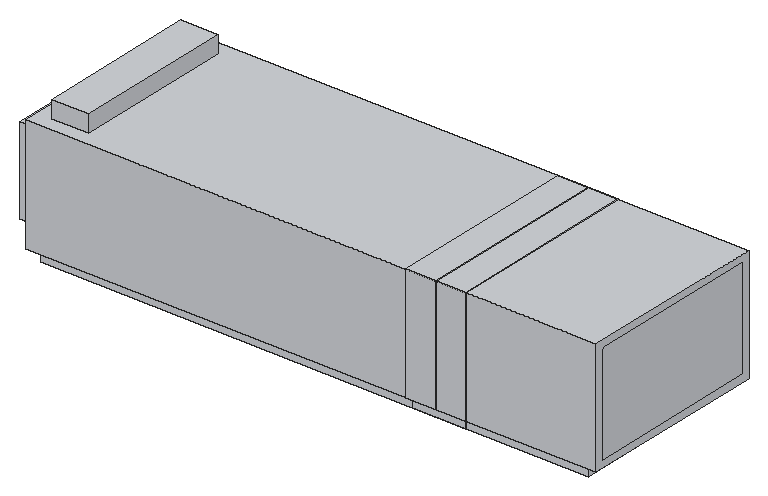
Revit family "Metric WinTADS Template 5", category Mechanical Equipment, Revit 2017
Family settings
  Round Connector Dimension = Use Diameter
  Part Type = Normal
  OmniClass Number = 23.75.00.00
  OmniClass Title = Climate Control (HVAC)
  Work Plane-Based = No
  Always vertical = Yes
  Cut with Voids When Loaded = No
  Shared = No
  Room Calculation Point = No
Parameters
  Mass = 520.448 kg
Reference planes
  plane 1 "Center (Front/Back)": y = 0
  plane 2: z = 0
  plane 3 "Center (Left/Right)": x = 0
Forms (mm)
  Extrusion 1, solid
    sketch origin (0, 0, 0) x (1, 0, 0) y (0, 1, 0)
      loop
        line (-110, 1128) -> (-110, 90) -> (0, 90) -> (0, 1128) -> (-110, 1128)
    from 90 to 648
  Extrusion 2, solid
    sketch origin (0, 0, 0) x (1, 0, 0) y (0, 1, 0)
      loop
        line (90, 1128) -> (90, 90) -> (328, 90) -> (328, 1128) -> (90, 1128)
    from 738 to 848
  Extrusion 3, solid
    sketch origin (0, 0, 0) x (1, 0, 0) y (0, 1, 0)
      loop
        line (3653.543, 1169) -> (3653.543, 49) -> (3654.457, 49) -> (3654.457, 1169) -> (3653.543, 1169)
    from 49 to 689
  Extrusion 4, solid
    sketch origin (0, 0, 0) x (1, 0, 0) y (0, 1, 0)
      loop
        line (0, 1218) -> (0, 0) -> (2818, 0) -> (2818, 1218) -> (0, 1218)
    from 0 to 738
  Extrusion 5, solid
    sketch origin (0, 0, 0) x (1, 0, 0) y (0, 1, 0)
      loop
        line (2626.543, 1218) -> (2626.543, 0) -> (2627.457, 0) -> (2627.457, 1218) -> (2626.543, 1218)
    from 0 to 738
  Extrusion 6, solid
    sketch origin (0, 0, 0) x (1, 0, 0) y (0, 1, 0)
      loop
        line (2436, 1218) -> (2436, 0) -> (3654, 0) -> (3654, 1218) -> (2436, 1218)
    from 0 to 738
  Extrusion 7, solid
    sketch origin (0, 0, 0) x (1, 0, 0) y (0, 1, 0)
      loop
        line (69, 75.5) -> (69, 26.5) -> (2798, 26.5) -> (2798, 75.5) -> (69, 75.5)
    from -62 to 0
  Extrusion 8, solid
    sketch origin (0, 0, 0) x (1, 0, 0) y (0, 1, 0)
      loop
        line (69, 1191.5) -> (69, 1142.5) -> (2798, 1142.5) -> (2798, 1191.5) -> (69, 1191.5)
    from -62 to 0
  Extrusion 9, solid
    sketch origin (0, 0, 0) x (1, 0, 0) y (0, 1, 0)
      loop
        line (69, 1142.5) -> (69, 75.5) -> (118, 75.5) -> (118, 1142.5) -> (69, 1142.5)
    from -62 to 0
  Extrusion 10, solid
    sketch origin (0, 0, 0) x (1, 0, 0) y (0, 1, 0)
      loop
        line (2749, 1142.5) -> (2749, 75.5) -> (2798, 75.5) -> (2798, 1142.5) -> (2749, 1142.5)
    from -62 to 0
  Extrusion 11, solid
    sketch origin (0, 0, 0) x (1, 0, 0) y (0, 1, 0)
      loop
        line (2456, 75.5) -> (2456, 26.5) -> (3585, 26.5) -> (3585, 75.5) -> (2456, 75.5)
    from -62 to 0
  Extrusion 12, solid
    sketch origin (0, 0, 0) x (1, 0, 0) y (0, 1, 0)
      loop
        line (2456, 1191.5) -> (2456, 1142.5) -> (3585, 1142.5) -> (3585, 1191.5) -> (2456, 1191.5)
    from -62 to 0
  Extrusion 13, solid
    sketch origin (0, 0, 0) x (1, 0, 0) y (0, 1, 0)
      loop
        line (2456, 1142.5) -> (2456, 75.5) -> (2505, 75.5) -> (2505, 1142.5) -> (2456, 1142.5)
    from -62 to 0
  Extrusion 14, solid
    sketch origin (0, 0, 0) x (1, 0, 0) y (0, 1, 0)
      loop
        line (3536, 1142.5) -> (3536, 75.5) -> (3585, 75.5) -> (3585, 1142.5) -> (3536, 1142.5)
    from -62 to 0
Dimensions and locks
  aligned and locked: level to plane 2
Connectors
  hvac at (209, 609, 848)
    settings: on Extrusion 2, index 6, duct flow 1111.11 L/s, flow factor 0, pres drop 12.8457 Pa, loss coef 0, conn angle 0.00°, conn width 238 mm, conn height 1038 mm, conn diameter 609.6 mm, duct sys type 1, conn prof type 1, flow config 0, flow direction 1, loss method 4, conn ref index -1, conn util no, is conn primary yes, conn desc ""
  hvac at (3654.457, 609, 369)
    settings: on Extrusion 3, index 31, duct flow 1111.11 L/s, flow factor 0, pres drop 2.0 Pa, loss coef 0, conn angle 0.00°, conn width 1120 mm, conn height 640 mm, conn diameter 609.6 mm, duct sys type 1, conn prof type 1, flow config 0, flow direction 2, loss method 4, conn ref index -1, conn util no, is conn primary no, conn desc ""
  hvac at (-110, 609, 369)
    settings: on Extrusion 1, index 35, duct flow 1111.11 L/s, flow factor 0, pres drop 2.44307 Pa, loss coef 0, conn angle 0.00°, conn width 1038 mm, conn height 558 mm, conn diameter 609.6 mm, duct sys type 1, conn prof type 1, flow config 0, flow direction 1, loss method 4, conn ref index -1, conn util no, is conn primary no, conn desc ""
